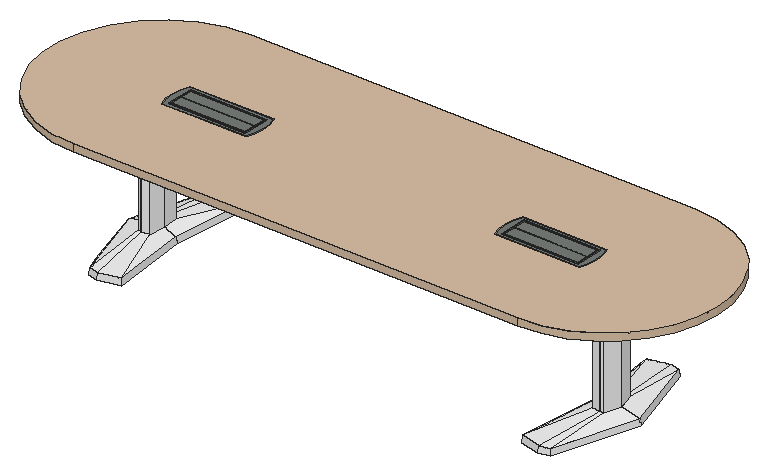
Revit family
Parameters (values of type "12' x 48" x 29"")
  URL = "www.coalesse.com"
  UB-4 = no
  UB-2 = yes
  UB - 3 = no
  Type Comments = "E2C1248A"
  Top Thickness = 0' - 1 1/2"
  Top Finish = Furniture_Coalesse_E-Table_Top Finish (Veneer)
  R = Width / 2  # 2' - 0"
  Model = "E-Table"
  Manufacturer = "COALESSE"
  Length = 12' - 0"
  Leg Height = Height - Top Thickness  # 2' - 3 1/2"
  Leg Base (Aluminum) = Furniture_Coalesse_E-Table_Base Finish (Aluminum)
  Height = 2' - 5"
  Width = 4' - 0"
  Description = "12' Racetrack Table w/Two Bases"
  Base Finish = Furniture_Coalesse_E-Table_Base Finish (Veneer)
  30 = no
  24 = yes
Types (10): name | UB-4 | UB-2 | UB - 3 | Type Comments | R | Width | 30 | 24
  (no name) | no | yes | no | "E2C1248A" | 2' - 0" | 4' - 0" | no | yes
  12' x 48" x 29" | no | yes | no | "E2C1248A" | 2' - 0" | 4' - 0" | no | yes
  12' x 54" x 29" | no | yes | no | "E2C1254A" | 2' - 3" | 4' - 6" | no | yes
  12' x 60" x 29" | no | yes | no | "E2C1260A" | 2' - 6" | 5' - 0" | yes | no
  12' x 48" x 29" (3 Utility Box) | no | no | yes | "E2C1248A" | 2' - 0" | 4' - 0" | no | yes
  12' x 54" x 29" (3 Utility Box) | no | no | yes | "E2C1254A" | 2' - 3" | 4' - 6" | no | yes
  12' x 60" x 29" (3 Utility Box) | no | no | yes | "E2C1260A" | 2' - 6" | 5' - 0" | yes | no
  12' x 48" x 29" (4 Utility Box) | yes | no | no | "E2C1248A" | 2' - 0" | 4' - 0" | no | yes
  12' x 54" x 29" (4 Utility Box) | yes | no | no | "E2C1254A" | 2' - 3" | 4' - 6" | no | yes
  12' x 60" x 29" (4 Utility Box) | yes | no | no | "E2C1260A" | 2' - 6" | 5' - 0" | yes | no
Reference planes (in)
  plane 1 "Center Front/Back": y = 0
  plane 2: z = 0
  plane 3 "Center Left/Right": x = 0
  plane 4: y = 24
  plane 5: y = -24
  plane 6: z = 27.5
  plane 7: z = 0.125
  plane 8: x = -72
  plane 9: x = 72
  plane 10: z = 29
  plane 11: x = -47.53125
  plane 12: x = 47.53125
  plane 13: x = -49.3125
  plane 14: x = 49.3125
  plane 15: x = -36
  plane 16: x = 36
  plane 17: y = 4.0625
  plane 18: y = -4.0625
  plane 19: z = 18.75
  plane 20: x = -12
  plane 21: x = 12
Forms (in)
  Extrusion 1, solid, material "Furniture_Coalesse_E-Table_Top Finish (Veneer)" <- "Top Finish", visible <- "UB-2"
    sketch origin (0, 0, 0) x (1, 0, 0) y (0, 1, 0)
      loop
        arc (-48, 24) -> (-72, 0) -> (-48, -24) r 24
        line (-48, -24) -> (48, -24)
        arc (48, -24) -> (72, 0) -> (48, 24) r 24
        line (48, 24) -> (-48, 24)
      loop
        arc (-26.93233, -3.75) -> (-26.1875, 0) -> (-26.93233, 3.75) r 9.8125
        line (-26.93233, 3.75) -> (-45.06767, 3.75)
        arc (-45.06767, 3.75) -> (-45.8125, 0) -> (-45.06767, -3.75) r 9.8125
        line (-45.06767, -3.75) -> (-26.93233, -3.75)
      loop
        arc (26.93233, 3.75) -> (26.1875, 0) -> (26.93233, -3.75) r 9.8125
        line (26.93233, -3.75) -> (45.06767, -3.75)
        arc (45.06767, -3.75) -> (45.8125, 0) -> (45.06767, 3.75) r 9.8125
        line (45.06767, 3.75) -> (26.93233, 3.75)
    from 27.5 to 29
  Extrusion 2, solid, material "Furniture_Coalesse_E-Table_UB_Base"
    sketch origin (0, 0, 0) x (0, 1, 0) y (0, 0, 1)
      loop
        line (4.0625, 27.5) -> (3.8125, 27.5) -> (3.8125, 19) -> (-3.8125, 19) -> (-3.8125, 27.5) -> (-4.0625, 27.5) -> (-4.0625, 18.75) -> (4.0625, 18.75) -> (4.0625, 27.5)
    from -47.53125 to 47.53125
  Extrusion 3, solid, material "Furniture_Coalesse_E-Table_Top Finish (Veneer)" <- "Top Finish", visible <- "UB - 3"
    sketch origin (0, 0, 0) x (1, 0, 0) y (0, 1, 0)
      loop
        arc (-48, 24) -> (-72, 0) -> (-48, -24) r 24
        line (-48, -24) -> (48, -24)
        arc (48, -24) -> (72, 0) -> (48, 24) r 24
        line (48, 24) -> (-48, 24)
      loop
        line (-45.06767, -3.75) -> (-26.93233, -3.75)
        arc (-26.93233, -3.75) -> (-26.1875, 0) -> (-26.93233, 3.75) r 9.8125
        line (-26.93233, 3.75) -> (-45.06767, 3.75)
        arc (-45.06767, 3.75) -> (-45.8125, 0) -> (-45.06767, -3.75) r 9.8125
      loop
        arc (-9.06767, 3.75) -> (-9.8125, 0) -> (-9.06767, -3.75) r 9.8125
        line (-9.06767, -3.75) -> (9.06767, -3.75)
        arc (9.06767, -3.75) -> (9.8125, 0) -> (9.06767, 3.75) r 9.8125
        line (9.06767, 3.75) -> (-9.06767, 3.75)
      loop
        line (26.93233, -3.75) -> (45.06767, -3.75)
        arc (45.06767, -3.75) -> (45.8125, 0) -> (45.06767, 3.75) r 9.8125
        line (45.06767, 3.75) -> (26.93233, 3.75)
        arc (26.93233, 3.75) -> (26.1875, 0) -> (26.93233, -3.75) r 9.8125
    from 27.5 to 29
  Extrusion 4, solid, material "Furniture_Coalesse_E-Table_Top Finish (Veneer)" <- "Top Finish", visible <- "UB-4"
    sketch origin (0, 0, 0) x (1, 0, 0) y (0, 1, 0)
      loop
        arc (-48, 24) -> (-72, 0) -> (-48, -24) r 24
        line (-48, -24) -> (48, -24)
        arc (48, -24) -> (72, 0) -> (48, 24) r 24
        line (48, 24) -> (-48, 24)
      loop
        arc (-45.06767, 3.75) -> (-45.8125, 0) -> (-45.06767, -3.75) r 9.8125
        line (-45.06767, -3.75) -> (-26.93233, -3.75)
        arc (-26.93233, -3.75) -> (-26.1875, 0) -> (-26.93233, 3.75) r 9.8125
        line (-26.93233, 3.75) -> (-45.06767, 3.75)
      loop
        arc (-21.06767, 3.75) -> (-21.8125, 0) -> (-21.06767, -3.75) r 9.8125
        line (-21.06767, -3.75) -> (-2.93233, -3.75)
        arc (-2.93233, -3.75) -> (-2.1875, 0) -> (-2.93233, 3.75) r 9.8125
        line (-2.93233, 3.75) -> (-21.06767, 3.75)
      loop
        arc (2.93233, 3.75) -> (2.1875, 0) -> (2.93233, -3.75) r 9.8125
        line (2.93233, -3.75) -> (21.06767, -3.75)
        arc (21.06767, -3.75) -> (21.8125, 0) -> (21.06767, 3.75) r 9.8125
        line (21.06767, 3.75) -> (2.93233, 3.75)
      loop
        arc (26.93233, 3.75) -> (26.1875, 0) -> (26.93233, -3.75) r 9.8125
        line (26.93233, -3.75) -> (45.06767, -3.75)
        arc (45.06767, -3.75) -> (45.8125, 0) -> (45.06767, 3.75) r 9.8125
        line (45.06767, 3.75) -> (26.93233, 3.75)
    from 27.5 to 29
Dimensions and locks (in)
  equal spacing: plane 5, plane 1 "Center Front/Back", plane 4
  "Width": plane 5 to plane 4
  "Top Thickness": plane 10 to plane 6
  "Height": plane 10 to level
  equal spacing: plane 8, plane 3 "Center Left/Right", plane 9
  "Length": plane 8 to plane 9
  plane 8 to plane 11 = 2' - 0 15/32"
  locked: plane 12 to plane 9 at 24.46875
  locked: plane 8 to plane 13 at 22.6875
  locked: plane 14 to plane 9 at 22.6875
  locked: plane 8 to plane 15 at 36
  locked: plane 16 to plane 9 at 36
  locked: nested 1 to plane 15 at 0
  locked: nested 1 to plane 1 "Center Front/Back" at 0
  locked: nested 2 to plane 1 "Center Front/Back" at 0
  locked: nested 2 to plane 16 at 0
  equal spacing: plane 17, plane 1 "Center Front/Back", plane 18
  locked: plane 17 to plane 18 at 8.125
  locked: plane 6 to plane 19 at 8.75
  locked: nested 3 to plane 3 "Center Left/Right" at 0
  locked: plane 8 to Extrusion 1 sketch curve at 0
  locked: plane 9 to Extrusion 1 sketch curve at 0
  locked: plane 8 to Extrusion 3 sketch curve at 0
  locked: plane 9 to Extrusion 3 sketch curve at 0
  locked: plane 15 to plane 20 at 24
  locked: plane 21 to plane 16 at 24
  locked: nested 4 to plane 20 at 0
  locked: nested 5 to plane 21 at 0
  locked: plane 8 to Extrusion 4 sketch curve at 0
  locked: plane 9 to Extrusion 4 sketch curve at 0
  locked: nested 6 to plane 13 at 0
  nested 7 to plane 14 = 0' - 0"
  locked: nested 7 to plane 1 "Center Front/Back" at 0
  locked: nested 6 to plane 1 "Center Front/Back" at 0
  "R": radius of Extrusion 1 sketch curve  (x2)
  "R": radius of Extrusion 3 sketch curve  (x2)
  aligned and locked: Extrusion 1 sketch curve to nested 1  (x4)
  aligned and locked: Extrusion 1 sketch curve to nested 2  (x4)
  aligned and locked: plane 10 to Extrusion 1
  aligned and locked: Extrusion 1 to plane 6
  aligned and locked: Extrusion 2 to plane 11
  aligned and locked: Extrusion 2 to plane 12
  aligned and locked: Extrusion 3 sketch curve to Extrusion 1  (x8)
  aligned and locked: Extrusion 3 sketch curve to nested 3  (x4)
  aligned and locked: plane 10 to Extrusion 3
  aligned and locked: Extrusion 3 sketch curve to plane 4
  aligned and locked: Extrusion 3 to plane 6
  aligned and locked: plane 5 to Extrusion 4 sketch curve
  aligned and locked: plane 10 to Extrusion 4
  aligned and locked: Extrusion 4 to plane 6
  aligned and locked: Extrusion 4 sketch curve to plane 4
  aligned and locked: Extrusion 4 sketch curve to nested 1  (x4)
  aligned and locked: Extrusion 4 sketch curve to nested 4  (x4)
  aligned and locked: Extrusion 4 sketch curve to nested 5  (x4)
  aligned and locked: Extrusion 4 sketch curve to nested 2  (x4)
Automatic sketch dimensions
  Extrusion 1 sketch curve to plane 5 = 0' - 0"
  Extrusion 2 sketch curve to plane 17 = 0' - 0"
  Extrusion 2 sketch curve to plane 17 = 0' - 0 1/4"
  Extrusion 2 sketch curve to plane 6 = 0' - 0"  (x2)
  plane 19 to Extrusion 2 sketch curve = 0' - 0 1/4"
  Extrusion 2 sketch curve to plane 18 = 0' - 0 1/4"
  Extrusion 2 sketch curve to plane 19 = 0' - 0"
  Extrusion 2 sketch curve to plane 18 = 0' - 0"
  Extrusion 3 sketch curve to Extrusion 3 sketch curve = 0' - 0"
  Extrusion 4 sketch curve to Extrusion 4 sketch curve = 0' - 0"
Nested families (in)
  nested 1: "UtilityBay" at (-36, 0, 0), type "UtilityBay"
    with W 0' - 7 1/2", L 1' - 7 5/8"
  nested 2: "UtilityBay" at (36, 0, 0), type "UtilityBay"
    with W 0' - 7 1/2", L 1' - 7 5/8"
  nested 3: "UtilityBay" at (0, 0, 0), visible <- "UB - 3", type "UtilityBay"
    with W 0' - 7 1/2", L 1' - 7 5/8"
  nested 4: "UtilityBay" at (-12, 0, 0), visible <- "UB-4", type "UtilityBay"
    with W 0' - 7 1/2", L 1' - 7 5/8"
  nested 5: "UtilityBay" at (12, 0, 0), visible <- "UB-4", type "UtilityBay"
    with W 0' - 7 1/2", L 1' - 7 5/8"
  nested 6: "AluminumBase36" at (-49.3125, 0, 0), Leg Height <- "Leg Height", type "AluminumBase36"
    with Leg Height 2' - 3 1/2"
  nested 7: "AluminumBase36" at (49.3125, 0, 0) x (-1, 0, 0) z (0, 0, 1), Leg Height <- "Leg Height", type "AluminumBase36"
    with Leg Height 2' - 3 1/2"
Definition of nested family "UtilityBay"
  Parameters
    URL = ""
    Type Comments = ""
    L [instance] = 1' - 7 5/8"
    Bay Height = 0' - 8 1/4"
    Top Finish = Furniture_Coalesse_E-Table_UB_Accent
    Model = "E-Table"
    Manufacturer = "COALESSE"
    Table Height = 2' - 5"
    W [instance] = 0' - 7 1/2"
    Description = ""
    Base Finish = Furniture_Coalesse_E-Table_UB_Base
  Reference planes (in)
    plane 1 "Center Front/Back": y = 0
    plane 2: z = 0
    plane 3 "Center Left/Right": x = 0
    plane 4: y = 3.75
    plane 5: y = -3.75
    plane 6: z = 20.75
    plane 7: z = 0.125
    plane 8: x = -9.8125
    plane 9: x = 9.8125
    plane 10: z = 29
    plane 11: z = 28.625
    plane 12: z = 21.125
    plane 13: x = -8.25
    plane 14: x = 8.25
    plane 15: y = 3
    plane 16: y = -3
  Forms (in)
    Extrusion 1, solid, material "Furniture_Coalesse_E-Table_UB_Base" <- "Base Finish"
      sketch origin (0, 0, 0) x (1, 0, 0) y (0, 1, 0)
        loop
          arc (-9.06767, 3.75) -> (-9.8125, 0) -> (-9.06767, -3.75) r 9.8125
          line (-9.06767, -3.75) -> (9.06767, -3.75)
          arc (9.06767, -3.75) -> (9.8125, 0) -> (9.06767, 3.75) r 9.8125
          line (9.06767, 3.75) -> (-9.06767, 3.75)
        loop
          line (-8.25, 3) -> (-8.25, -3) -> (8.25, -3) -> (8.25, 3) -> (-8.25, 3)
      from 28.625 to 29
    Extrusion 2, solid, material "Furniture_Coalesse_E-Table_UB_Accent" <- "Top Finish"
      sketch origin (0, 0, 0) x (1, 0, 0) y (0, 1, 0)
        loop
          line (-8.25, 3) -> (-8.25, -3) -> (8.25, -3) -> (8.25, 3) -> (-8.25, 3)
        loop
          line (-8, 2.75) -> (-8, -2.75) -> (8, -2.75) -> (8, 2.75) -> (-8, 2.75)
      from 28.625 to 29
    Extrusion 3, solid, material "Furniture_Coalesse_E-Table_UB_Base" <- "Base Finish"
      sketch origin (0, 0, 0) x (1, 0, 0) y (0, 1, 0)
        loop
          line (-8, 2.75) -> (-8, 0.03125) -> (8, 0.03125) -> (8, 2.75) -> (-8, 2.75)
        loop
          line (8, -2.75) -> (8, -0.03125) -> (-8, -0.03125) -> (-8, -2.75) -> (8, -2.75)
      from 28.625 to 29
    Extrusion 4, solid, material "Furniture_Coalesse_E-Table_UB_Base" <- "Base Finish"
      sketch origin (0, 0, 0) x (1, 0, 0) y (0, 0, 1)
        loop
          line (-8.25, 28.625) -> (-8.25, 28.25) -> (-6.99243, 28.25) -> (-5.42993, 20.75) -> (-0.4375, 20.75) -> (-0.4375, 28.25) -> (0.4375, 28.25) -> (0.4375, 20.75) -> (5.42993, 20.75) -> (6.99243, 28.25) -> (8.25, 28.25) -> (8.25, 28.625) -> (6.6875, 28.625) -> (5.125, 21.125) -> (0.8125, 21.125) -> (0.8125, 28.625) -> (-0.8125, 28.625) -> (-0.8125, 21.125) -> (-5.125, 21.125) -> (-6.6875, 28.625) -> (-8.25, 28.625)
      from -3.75 to 3.75
  Dimensions and locks (in)
    equal spacing: plane 5, plane 1 "Center Front/Back", plane 4
    "W": plane 5 to plane 4
    "Bay Height": plane 10 to plane 6
    "Table Height": plane 10 to level
    equal spacing: plane 8, plane 3 "Center Left/Right", plane 9
    "L": plane 8 to plane 9
    locked: plane 10 to plane 11 at 0.375
    locked: plane 12 to plane 6 at 0.375
    locked: plane 8 to plane 13 at 1.5625
    locked: plane 14 to plane 9 at 1.5625
    locked: plane 5 to plane 16 at 0.75
    locked: plane 4 to plane 15 at 0.75
    Extrusion 1 sketch curve to plane 9 = 0' - 0"
    locked: plane 8 to Extrusion 1 sketch curve at 0.74483  (x2)
    locked: Extrusion 1 sketch curve to plane 9 at 0.74483  (x2)
    aligned and locked: Extrusion 1 sketch curve to plane 4
    aligned and locked: plane 10 to Extrusion 1
    aligned and locked: Extrusion 1 to plane 11
    aligned and locked: plane 10 to Extrusion 3
    aligned and locked: Extrusion 3 to plane 11
    aligned and locked: plane 4 to Extrusion 4
    aligned and locked: plane 5 to Extrusion 4
    aligned and locked: Extrusion 4 sketch curve to plane 13
    aligned and locked: plane 14 to Extrusion 4 sketch curve
  Automatic sketch dimensions
    Extrusion 1 sketch curve to Extrusion 1 sketch curve = 0' - 0"  (x2)
    Extrusion 1 sketch curve to plane 13 = 0' - 0"
    Extrusion 1 sketch curve to plane 1 "Center Front/Back" = 0' - 0"
    Extrusion 1 sketch curve to plane 3 "Center Left/Right" = 0' - 0"
    Extrusion 1 sketch curve to plane 14 = 0' - 0"
    Extrusion 1 sketch curve to plane 16 = 0' - 0"
    Extrusion 1 sketch curve to plane 15 = 0' - 0"
    Extrusion 2 sketch curve to plane 13 = 0' - 0"
    Extrusion 2 sketch curve to plane 15 = 0' - 0"
    Extrusion 2 sketch curve to plane 16 = 0' - 0"
    Extrusion 2 sketch curve to plane 14 = 0' - 0"
    plane 13 to Extrusion 2 sketch curve = 0' - 0 1/4"
    plane 14 to Extrusion 2 sketch curve = 0' - 0 1/4"
    Extrusion 2 sketch curve to plane 16 = 0' - 0 1/4"
    Extrusion 2 sketch curve to plane 15 = 0' - 0 1/4"
    plane 13 to Extrusion 3 sketch curve = 0' - 0 1/4"
    plane 14 to Extrusion 3 sketch curve = 0' - 0 1/4"
    Extrusion 3 sketch curve to plane 16 = 0' - 0 1/4"
    Extrusion 3 sketch curve to plane 1 "Center Front/Back" = 0' - 0 1/32"
    Extrusion 3 sketch curve to plane 15 = 0' - 0 1/4"
    plane 1 "Center Front/Back" to Extrusion 3 sketch curve = 0' - 0 1/32"
    Extrusion 3 sketch curve to Extrusion 3 sketch curve = 0' - 0"  (x2)
    Extrusion 4 sketch curve to plane 11 = 0' - 0"  (x3)
    Extrusion 4 sketch curve to plane 6 = 0' - 0"  (x2)
    Extrusion 4 sketch curve to plane 12 = 0' - 0"  (x2)
    Extrusion 4 sketch curve to plane 11 = 0' - 0 3/8"  (x3)
    Extrusion 4 sketch curve to Extrusion 4 sketch curve = 0' - 1.25757"
    Extrusion 4 sketch curve to Extrusion 4 sketch curve = 0' - 0.30493"  (x4)
    plane 13 to Extrusion 4 sketch curve = 0' - 2.82007"
    Extrusion 4 sketch curve to plane 3 "Center Left/Right" = 0' - 0 13/16"
    Extrusion 4 sketch curve to plane 3 "Center Left/Right" = 0' - 0 7/16"
    plane 3 "Center Left/Right" to Extrusion 4 sketch curve = 0' - 0 7/16"
    Extrusion 4 sketch curve to Extrusion 4 sketch curve = 0' - 0 3/8"
    plane 14 to Extrusion 4 sketch curve = 0' - 3 1/8"
    plane 14 to Extrusion 4 sketch curve = 0' - 1 9/16"
Definition of nested family "AluminumBase36"
  Parameters
    URL = "www.coalesse.com"
    Model = "E-Table"
    Manufacturer = "COALESSE"
    Leg Height [instance] = 2' - 3 1/2"
    Base Finish = Furniture_Coalesse_E-Table_Base Finish (Aluminum)
  Reference planes (in)
    plane 1 "Center Front/Back": y = 0
    plane 2: z = 0
    plane 3 "Center Left/Right": x = 0
    plane 4: y = 18
    plane 5: y = -18
    plane 6: x = -6.03125
    plane 7: x = 6.03125
    plane 8: z = 27.5
    plane 9: z = 1.5
    plane 10: z = 2.5
    plane 11: z = 0.125
  Forms (in)
    Blend 1, solid, material "Furniture_Coalesse_E-Table_Base Finish (Aluminum)" <- "Base Finish"
      base sketch origin (0, 0, 0) x (1, 0, 0) y (0, 1, 0)
        loop
          line (6.03125, 16.82724) -> (1.64987, 18.00111) -> (-0.60925, 17.39587) -> (-6.03125, 0) -> (-0.60925, -17.39587) -> (1.64987, -18.00111) -> (6.03125, -16.82724) -> (4.40614, 0) -> (6.03125, 16.82724)
      top sketch origin (0, 0, 0) x (1, 0, 0) y (0, 1, 0)
        loop
          line (5.96395, 16.78057) -> (1.64987, 17.93641) -> (-0.55982, 17.3444) -> (-5.96578, 0) -> (-0.55982, -17.3444) -> (1.64987, -17.93641) -> (5.96395, -16.78057) -> (4.34335, 0) -> (5.96395, 16.78057)
      from 0.125 to 1.5
    Blend 2, solid, material "Furniture_Coalesse_E-Table_Base Finish (Aluminum)" <- "Base Finish"
      base sketch origin (0, 0, 4) x (1, 0, 0) y (0, 1, 0)
        loop
          line (5.96395, 16.78057) -> (1.64987, 17.93641) -> (-0.55982, 17.3444) -> (-5.96578, 0) -> (-0.55982, -17.3444) -> (1.64987, -17.93641) -> (5.96395, -16.78057) -> (4.34335, 0) -> (5.96395, 16.78057)
      top sketch origin (0, 0, 4) x (1, 0, 0) y (0, 1, 0)
        loop
          line (-0.98025, 3.51649) -> (-1.92258, 0) -> (-0.98025, -3.51649) -> (-0.22225, -3.71986) -> (1.46781, -3.42252) -> (1.78683, 0) -> (1.46781, 3.42252) -> (-0.22225, 3.71986) -> (-0.98025, 3.51649)
      from -2.5 to -1.5
    Extrusion 3, solid, material "Furniture_Coalesse_E-Table_Base Finish (Aluminum)" <- "Base Finish"
      sketch origin (0, 0, 0) x (1, 0, 0) y (0, 1, 0)
        loop
          line (-0.59156, 16.30063) -> (-0.62329, 15.25686) -> (1.36724, 15.79016) -> (5.32468, 14.8813) -> (5.64432, 15.83093) -> (1.50856, 16.86328) -> (-0.59156, 16.30063)
        loop
          line (-0.59156, -16.30063) -> (1.50856, -16.86328) -> (5.64432, -15.83093) -> (5.32468, -14.8813) -> (1.36724, -15.79016) -> (-0.62329, -15.25686) -> (-0.59156, -16.30063)
        loop
          line (-2.20506, 4.74092) -> (-3.47551, 0) -> (-2.20506, -4.74092) -> (-0.28981, -5.25479) -> (2.8551, -4.70148) -> (3.29333, 0) -> (2.8551, 4.70148) -> (-0.28981, 5.25479) -> (-2.20506, 4.74092)
      from 0 to 0.125
    Extrusion 4, solid, material "Furniture_Coalesse_E-Table_Base Finish (Aluminum)" <- "Base Finish"
      sketch origin (0, 0, 0) x (1, 0, 0) y (0, 1, 0)
        loop
          line (-0.98025, 3.51649) -> (-1.92258, 0) -> (-0.98025, -3.51649) -> (-0.31673, -3.69451) -> (-0.22225, -3.71986) -> (1.46781, -3.42252) -> (1.78683, 0) -> (1.46781, 3.42252) -> (-0.22225, 3.71986) -> (-0.31673, 3.69451) -> (-0.98025, 3.51649)
      from 2.5 to 27.5
  Cuts and joins
    joined: Blend 1, Extrusion 3, Extrusion 4
  Dimensions and locks (in)
    equal spacing: plane 5, plane 1 "Center Front/Back", plane 4
    plane 5 to plane 4 = 3' - 0"
    equal spacing: plane 6, plane 3 "Center Left/Right", plane 7
    plane 6 to plane 7 = 1' - 0 1/16"
    "Leg Height": plane 8 to level
    locked: plane 9 to plane 11 at 1.375
    locked: plane 10 to plane 9 at 1
    aligned and locked: plane 9 to Blend 1
    aligned and locked: Blend 1 to plane 11
    aligned and locked: Blend 2 to plane 9
    aligned and locked: plane 10 to Blend 2
    aligned and locked: Extrusion 3 to level
    aligned and locked: plane 11 to Extrusion 3
    aligned and locked: Extrusion 4 to plane 10
    aligned and locked: plane 8 to Extrusion 4
  Automatic sketch dimensions
    Blend 1 sketch curve to plane 1 "Center Front/Back" = 0' - 0"  (x4)
    Blend 1 sketch curve to plane 7 = 0' - 0"  (x2)
    plane 7 to Blend 1 sketch curve = 0' - 1.62511"
    plane 4 to Blend 1 sketch curve = 0' - 0.00111"
    plane 3 "Center Left/Right" to Blend 1 sketch curve = 0' - 1.64987"  (x4)
    plane 5 to Blend 1 sketch curve = 0' - 0.00111"
    Blend 1 sketch curve to plane 3 "Center Left/Right" = 0' - 0.60925"  (x2)
    Blend 1 sketch curve to plane 6 = 0' - 0"
    Blend 1 sketch curve to plane 5 = 0' - 0.60413"
    Blend 1 sketch curve to plane 5 = 0' - 1.17276"
    Blend 1 sketch curve to plane 4 = 0' - 1.17276"
    Blend 1 sketch curve to plane 4 = 0' - 0.60413"
    Blend 1 sketch curve to plane 4 = 0' - 0.06359"
    plane 6 to Blend 1 sketch curve = 0' - 0.06547"
    plane 7 to Blend 1 sketch curve = 0' - 0.0673"  (x2)
    Blend 1 sketch curve to plane 5 = 0' - 0.06359"
    Blend 1 sketch curve to plane 3 "Center Left/Right" = 0' - 0.55982"  (x2)
    plane 7 to Blend 1 sketch curve = 0' - 1.6879"
    Blend 1 sketch curve to plane 5 = 0' - 0.6556"
    Blend 1 sketch curve to plane 5 = 0' - 1.21943"
    Blend 1 sketch curve to plane 4 = 0' - 1.21943"
    Blend 1 sketch curve to plane 4 = 0' - 0.6556"
    Blend 2 sketch curve to plane 1 "Center Front/Back" = 0' - 0"  (x4)
    plane 6 to Blend 2 sketch curve = 0' - 0.06547"
    Blend 2 sketch curve to plane 3 "Center Left/Right" = 0' - 0.55982"  (x2)
    Blend 2 sketch curve to plane 5 = 0' - 0.06359"
    plane 3 "Center Left/Right" to Blend 2 sketch curve = 0' - 1.64987"  (x2)
    Blend 2 sketch curve to plane 4 = 0' - 0.06359"
    plane 7 to Blend 2 sketch curve = 0' - 1.6879"
    plane 7 to Blend 2 sketch curve = 0' - 0.0673"  (x2)
    Blend 2 sketch curve to plane 5 = 0' - 0.6556"
    Blend 2 sketch curve to plane 5 = 0' - 1.21943"
    Blend 2 sketch curve to plane 4 = 0' - 1.21943"
    Blend 2 sketch curve to plane 4 = 0' - 0.6556"
    Blend 2 sketch curve to plane 3 "Center Left/Right" = 0' - 1.92258"
    Blend 2 sketch curve to plane 3 "Center Left/Right" = 0' - 0.98025"  (x2)
    Blend 2 sketch curve to plane 3 "Center Left/Right" = 0' - 0.22225"  (x2)
    plane 3 "Center Left/Right" to Blend 2 sketch curve = 0' - 1.46781"  (x2)
    plane 3 "Center Left/Right" to Blend 2 sketch curve = 0' - 1.78683"
    plane 1 "Center Front/Back" to Blend 2 sketch curve = 0' - 3.42252"
    Blend 2 sketch curve to Blend 2 sketch curve = 0' - 0.09397"  (x2)
    Blend 2 sketch curve to Blend 2 sketch curve = 0' - 0.20338"  (x2)
    Blend 2 sketch curve to plane 1 "Center Front/Back" = 0' - 3.42252"
    Extrusion 4 sketch curve to plane 1 "Center Front/Back" = 0' - 0"  (x2)
    Extrusion 4 sketch curve to plane 3 "Center Left/Right" = 0' - 1.92258"
    Extrusion 4 sketch curve to plane 3 "Center Left/Right" = 0' - 0.98025"  (x2)
    Extrusion 4 sketch curve to plane 3 "Center Left/Right" = 0' - 0.31673"  (x2)
    Extrusion 4 sketch curve to Extrusion 4 sketch curve = 0' - 0.09448"  (x2)
    plane 3 "Center Left/Right" to Extrusion 4 sketch curve = 0' - 1.46781"  (x2)
    plane 3 "Center Left/Right" to Extrusion 4 sketch curve = 0' - 1.78683"
    plane 1 "Center Front/Back" to Extrusion 4 sketch curve = 0' - 3.42252"
    Extrusion 4 sketch curve to Extrusion 4 sketch curve = 0' - 0.09397"  (x2)
    Extrusion 4 sketch curve to Extrusion 4 sketch curve = 0' - 0.17803"  (x2)
    Extrusion 4 sketch curve to Extrusion 4 sketch curve = 0' - 0.02535"  (x2)
    Extrusion 4 sketch curve to plane 1 "Center Front/Back" = 0' - 3.42252"
    Extrusion 3 sketch curve to plane 3 "Center Left/Right" = 0' - 0.62329"  (x2)
    Extrusion 3 sketch curve to plane 3 "Center Left/Right" = 0' - 0.59156"  (x2)
    plane 3 "Center Left/Right" to Extrusion 3 sketch curve = 0' - 1.36724"  (x2)
    Extrusion 3 sketch curve to Extrusion 3 sketch curve = 0' - 0.14132"  (x2)
    plane 7 to Extrusion 3 sketch curve = 0' - 0.70657"  (x2)
    plane 7 to Extrusion 3 sketch curve = 0' - 0.38693"  (x2)
    Extrusion 3 sketch curve to plane 5 = 0' - 1 35/256"
    Extrusion 3 sketch curve to plane 5 = 0' - 1.69937"
    Extrusion 3 sketch curve to plane 5 = 0' - 2.16907"
    Extrusion 3 sketch curve to Extrusion 3 sketch curve = 0' - 1.07313"  (x2)
    Extrusion 3 sketch curve to Extrusion 3 sketch curve = 0' - 1.04377"  (x2)
    Extrusion 3 sketch curve to Extrusion 3 sketch curve = 0' - 0.94963"  (x2)
    Extrusion 3 sketch curve to plane 4 = 0' - 3.1187"
    Extrusion 3 sketch curve to plane 4 = 0' - 2.74314"
    Extrusion 3 sketch curve to Extrusion 3 sketch curve = 0' - 0.53329"
    Extrusion 3 sketch curve to plane 1 "Center Front/Back" = 0' - 0"  (x2)
    Extrusion 3 sketch curve to plane 3 "Center Left/Right" = 0' - 2.20506"  (x2)
    plane 6 to Extrusion 3 sketch curve = 0' - 2.55574"
    Extrusion 3 sketch curve to plane 3 "Center Left/Right" = 0' - 0.28981"  (x2)
    plane 3 "Center Left/Right" to Extrusion 3 sketch curve = 0' - 2.8551"  (x2)
    plane 7 to Extrusion 3 sketch curve = 0' - 2.73792"
    plane 1 "Center Front/Back" to Extrusion 3 sketch curve = 0' - 5.25479"
    Extrusion 3 sketch curve to Extrusion 3 sketch curve = 0' - 0.51387"  (x2)
    Extrusion 3 sketch curve to Extrusion 3 sketch curve = 0' - 0.55331"
    Extrusion 3 sketch curve to plane 1 "Center Front/Back" = 0' - 4.70148"
    Extrusion 3 sketch curve to plane 1 "Center Front/Back" = 0' - 4.74092"
